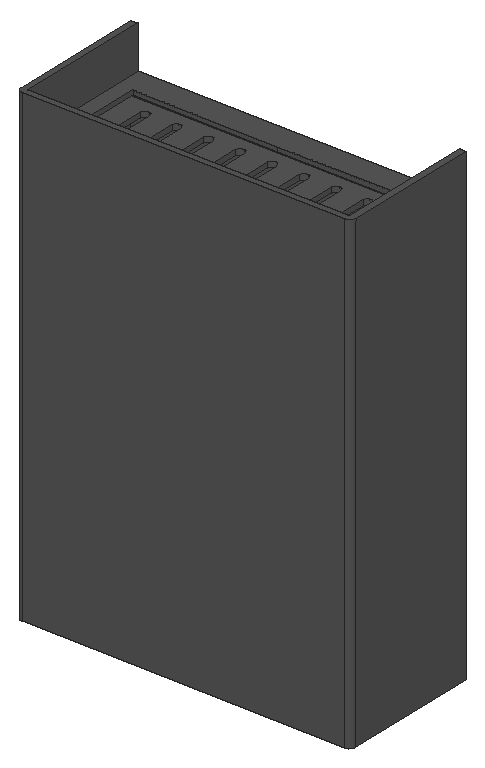
Revit family "Lighting_Outside_Nordlux_FOLD_10", category Lighting Fixtures, Revit 2017
Family settings
  Round Connector Dimension = Use Diameter
  Part Type = Normal
  OmniClass Number = 23.80.70.00
  OmniClass Title = Lighting
  Work Plane-Based = No
  Always vertical = Yes
  Cut with Voids When Loaded = No
  Light Source = Yes
  Shared = No
  Room Calculation Point = No
Parameters (values of type "Fold 10 - Black")
  Wattage = 1.34642 W
  WarrantyStartDate [instance] = "n/a"
  WarrantyGuarantorParts = "n/a"
  WarrantyGuarantorLabor = "n/a"
  WarrantyDurationUnit = "Hours"
  WarrantyDurationParts = "n/a"
  WarrantyDurationLabor = "n/a"
  WarrantyDescription = "n/a"
  built-in parameter 1150110 = 1 (stored number, unit not read)
  VersionDate = "24/11/2020"  # constant formula
  Version = "1"  # constant formula
  UsageCurrent = 0 A
  Uniclass2015Reference = "Pr_70_70_48_46"
  Uniclass2015Description = "Light-Emitting Diode (LED) Luminaires"
  Uniclass2 = "Pr_70_70_49_43"
  URL = "https://www.nordlux.com/products/product/2019041003"
  TotalWattage = 7 W
  built-in parameter 1114217 = 1 (stored number, unit not read)
  Tilt Angle = 90.00°
  built-in parameter 1150109 = 1 (stored number, unit not read)
  built-in parameter 1150134 = (empty or 0)
  TagNumber [instance] = "n/a"
  SustainabilityPerformance = "n/a"
  built-in parameter 1150113 = 1 (stored number, unit not read)
  Size = "105x45x150 mm"
  Shape = "Sculptured"
  SerialNumber [instance] = "n/a"
  Revision = "n/a"  # constant formula
  ReplacementCost = "n/a"
  ProductInformation = "\"Fold a sheet of paper, place a bulb behind - and you have a lamp.\" Although the reality is not that simple, designer Henrik Bønnelycke wants the light to appear as if it is. In terms of shape, Fold is brightly clear, where the selected details and latest LED technology are in focus. The magnetic shade makes the installation simple and the design distinct without visible screws. The light shines up and down, and the four included light patterns change the light based on desire and personal style and are also an element for light dimming."
  ProductDatasheet = "http://pim.skypim.com/show?objectid=327088319&template=ORG"
  Product data url = ""
  Photometric Web File = "2019041001 Fold 10 væg No mask.ies"
  PhaseReference = "n/a"
  PhaseAngle = 0.00°
  NumberOfSources = 0
  NumberOfPoles = 1
  built-in parameter 1150142 = "IESNA:LM-63-2002\r\n[TEST] Viso LabSpion - serial: 3247052577 sensor serial: 0408532695\r\n[TESTLAB] Viso LabSpion - serial: 3247052577 sensor serial: 0408532695 - Test lab\r\n[MANUFAC] Nordlux\r\n[ISSUEDATE] 02-12-2020\r\n[LUMINAIRE] 2019041001 Fold 10 væg No mask\r\n[LUMCAT] B2020254 A\r\n[_SERIALNUMBER] VFR-201202-0510-MS\r\nTILT=NONE\r\n1 562 1 73 2 1 2 0.092 0.034 0\r\n1.0 1.0 6.70\r\n0 2.5 5 7.5 10 12.5 15 17.5 20 22.5 25 27.5 30 32.5 35 37.5 40 42.5 45 47.5 50 52.5 55 57.5 60 62.5 65 67.5 70 72.5 75 77.5 80 82.5 85 87.5 90 92.5 95 97.5 100 102.5 105 107.5 110 112.5 115 117.5 120 122.5 125 127.5 130 132.5 135 137.5\r\n 140 142.5 145 147.5 150 152.5 155 157.5 160 162.5 165 167.5 170 172.5 175 177.5 180\r\n0 90 \r\n161.5529 161.4716 161.0381 160.447 159.0894 157.7297 155.9813 154.0723 151.8367 149.1627 146.0907 142.886 139.2616 135.4496 131.3271 126.737 121.4112 115.8329 109.7992 102.8126 90.2728 59.1514 27.8518 14.6106 11.0093 9.5444 8.3784\r\n 7.3616 6.4227 5.5516 4.7325 4.0189 3.3654 2.5247 1.6042 0.8227 0.5635 0.8501 1.6159 2.5222 3.3616 4.0205 4.7297 5.5478 6.4341 7.3572 8.38 9.5379 10.9263 14.2958 28.4169 60.4614 89.1985 102.4926 109.7809 115.8087 121.4081 126.717 131.3252\r\n 135.4295 139.2603 142.8632 146.0927 149.1626 151.8127 154.06 155.9728 157.7207 159.0854 160.4201 161.0446 161.4577 161.6027\r\n161.5529 161.6192 161.4486 161.0214 160.1073 159.0861 158.2034 157.0496 154.1993 142.7336 124.6975 105.7319 84.0512 57.1748 37.092 30.5266 29.0897 28.8917 28.7092 28.656 28.1407 27.3165 25.3701 22.7521 20.1557 17.6171 15.5337 13.5176\r\n 11.7336 10.4357 9.5029 8.8372 8.0559 7.0368 6.1364 5.5731 5.2987 5.4514 6.1471 7.0492 8.0461 8.827 9.5139 10.433 11.7251 13.5246 15.5303 17.6033 20.1402 22.7527 25.3746 27.3047 28.1427 28.6449 28.7167 28.88 29.0694 30.4478 37.0815\r\n 57.284 84.4888 106.0391 124.6839 142.4206 153.7805 156.9819 158.2008 159.0959 160.1051 161.0077 161.4449 161.618 161.6027\r\n"
  NominalWidth = 45 mm
  NominalVoltageCalc = 230 V
  NominalVoltage = 230 V
  NominalRadius = NominalDiameter / 2  # 160 mm
  NominalLength = 104.9 mm
  NominalHeight = 148.5 mm
  NominalFrequencyRange = 50 Hz
  NominalDiameter = 320 mm
  NominalCurrent = 0 A
  Name = "FOLD_10"  # constant formula
  NBSReference = "90-60-50/405"
  NBSDescription = "General purpose luminaires"
  ModelReference = ArticleNumber  # "2019041003"
  ModelNumber = "n/a"
  Model = "Fold 10 - Black"
  Material = "Metal & plastic"
  ManufacturersSpecificInformation = "n/a"
  ManufacturerURL = "https://www.nordlux.com/"
  ManufacturerName = "Nordlux"
  Manufacturer = "Nordlux"
  MaintenanceFactor = 0
  Lumens = 200 lm
  built-in parameter 1150115 = 1 (stored number, unit not read)
  built-in parameter 1150105 = 15.915 (stored number, unit not read)
  LightFixturePlacingType = "Wall"
  LightFixtureMountingType = "Surface"
  LightFixtureMainMaterial = Black
  built-in parameter 1150137 = (empty or 0)
  built-in parameter 1150139 = (empty or 0)
  built-in parameter 1150112 = 1 (stored number, unit not read)
  built-in parameter 1150114 = 1 (stored number, unit not read)
  InsulationStandardClass = "Class 1 (Earth contact)"
  InstallationDate [instance] = "n/a"
  built-in parameter 1150132 = 2
  built-in parameter 1150102 = (empty or 0)
  built-in parameter 1150138 = (empty or 0)
  built-in parameter 1150107 = 3000 (stored number, unit not read)
  built-in parameter 1150106 = 0.15915 (stored number, unit not read)
  IfcExportType = "NOTDEFINED"  # constant formula
  IfcExportAs = "IfcLightFixtureType"  # constant formula
  IP_Code = "IP54"
  HasProtectiveEarth = yes
  Grade = "n/a"
  Finish = "n/a"
  Features = "Socket type LED MODUL. Light source Incl. 2X3,5W LED"
  ExpectedLife = "Lifetime 30000h"
  Emit from Rectangle Width = 31 mm
  Emit from Rectangle Length = 90 mm
  Emit Shape Visible in Rendering = no
  ElectricalDeviceNominalPower = 7
  built-in parameter 1150104 = 13.8 (stored number, unit not read)
  EANNumber = "5704924000539"
  DurationUnit = "Hours"
  Dimming Lamp Color Temperature Shift = <None>
  Designer = "Henrik Bønnelycke"
  Description = "\"Fold a sheet of paper, place a bulb behind - and you have a lamp.\" Although the reality is not that simple, designer Henrik Bønnelycke wants the light to appear as if it is. In terms of shape, Fold is brightly clear, where the selected details and latest LED technology are in focus. The magnetic shade makes the installation simple and the design distinct without visible screws. The light shines up and down, and the four included light patterns change the light based on desire and personal style and are also an element for light dimming."
  DefaultElevation = 0 mm
  ConvergoRefNr = "0143-2009-0016-DK"  # constant formula
  Constituents = "n/a"
  Color Filter = 16777215
  Color = "Black"
  Collection = "Fold"
  CodePerformance = "n/a"
  Category = "Outdoor lighting"
  Brand = "Nordlux"
  Barcode [instance] = "n/a"
  built-in parameter 1114218 = 1 (stored number, unit not read)
  BIMObjectName = "Lighting_Outside_Nordlux_FOLD_10"  # constant formula
  Author = "Convergo AB"  # constant formula
  built-in parameter 1150133 = 10 (stored number, unit not read)
  AssetType = "Fixed"
  AssetIdentifier [instance] = "n/a"
  ArticleNumber = "2019041003"
  AccessibilityPerformance = "n/a"
Types (6, lengths in mm): name | URL | ProductDatasheet | ModelReference | Model | LightFixtureMainMaterial | EANNumber | Color | ArticleNumber
  (no name) | "https://www.nordlux.com/products/product/2019041003" | "http://pim.skypim.com/show?objectid=327088319&template=ORG" | "2019041003" | "Fold 10 - Black" | Black | "5704924000539" | "Black" | "2019041003"
  Fold 10 - White | "https://www.nordlux.com/products/product/2019041001" | "http://pim.skypim.com/show?objectid=327087977&template=ORG" | "2019041001" | "Fold 10 - White" | White | "5704924000522" | "White" | "2019041001"
  Fold 10 - Black | "https://www.nordlux.com/products/product/2019041003" | "http://pim.skypim.com/show?objectid=327088319&template=ORG" | "2019041003" | "Fold 10 - Black" | Black | "5704924000539" | "Black" | "2019041003"
  Fold 10 - Galvanized steel | "https://www.nordlux.com/products/product/2019041031" | "http://pim.skypim.com/show?objectid=327081235&template=ORG" | "2019041031" | "Fold 10 - Galvanized steel" | Galvanized steel | "5704924000553" | "Galvanized" | "2019041031"
  Fold 10 - Brass | "https://www.nordlux.com/products/product/2019041035" | "http://pim.skypim.com/show?objectid=327081691&template=ORG" | "2019041035" | "Fold 10 - Brass" | Brass | "5704924000560" | "Brass" | "2019041035"
  Fold 10 - Copper | "https://www.nordlux.com/products/product/2019041030" | "http://pim.skypim.com/show?objectid=327080714&template=ORG" | "2019041030" | "Fold 10 - Copper" | Copper | "https://www.nordlux.com/products/product/2019041030" | "Copper" | "2019041030"
Reference planes
  plane 1 "Light Source Axis (F/B)": y = 0
  plane 2: z = 0
  plane 3 "Light Source Axis (L/R)": x = 0
  plane 4 "Light Source Elevation": z = 74.233
  plane 5: z = 148.5
  plane 6: y = -45
  plane 7: x = -52.45
  plane 8: x = 52.45
Dimensions and locks
  equal spacing: plane 7, plane 3 "Light Source Axis (L/R)", plane 8
  "NominalLength": plane 7 to plane 8
  "NominalHeight": plane 5 to plane 2
  "NominalWidth": plane 1 "Light Source Axis (F/B)" to plane 6
  aligned and locked: level to plane 2
  aligned and locked: plane 4 "Light Source Elevation" to imposter light
  aligned and locked: plane 3 "Light Source Axis (L/R)" to imposter light
  aligned and locked: imposter light to nested 1  (x2)
Nested families
  nested 1: "Fold_10" at (0, 0, -0.017), Body <- "LightFixtureMainMaterial", type "Fold_10"
    with Body Black
Connectors
  electrical at (0, -0.7, 74.233), driven by "NominalVoltage"
    settings: on nested 1, index 1, voltage 230 V, apparent load 0 VA, apparent load phase1 0 VA, apparent load phase2 0 VA, apparent load phase3 0 VA, power factor 1, load classification "Other", number of poles 1, system type 31, power factor state 1, is connector primary yes, connector utility no, sub classification motor no, connector description ""
Definition of nested family "Fold_10"
  Parameters (values of type "Fold_10")
    Body [instance] = none
  Reference planes
    plane 1 "Center (Front/Back)": y = 0
    plane 2: z = 0
    plane 3 "Center (Left/Right)": x = 0
    plane 4: x = -52.471
    plane 5: y = -45
    plane 6: x = 52.471
    plane 7: z = 148.5
    plane 8: z = 131
    plane 9: z = 17.5
    plane 10: y = -23.751
    plane 11: z = 74.25
  Forms (mm)
    Extrusion 1, solid, material <- "Body", detail levels medium+fine
      sketch origin (0, 0, 0) x (1, 0, 0) y (0, 1, 0)
        loop
          line (-52.5, 0) -> (-52.5, -43)
          arc (-52.5, -43) -> (-51.914, -44.414) -> (-50.5, -45) r 2
          line (-50.5, -45) -> (50.471, -45)
          arc (50.471, -45) -> (51.885, -44.414) -> (52.471, -43) r 2
          line (52.471, -43) -> (52.471, 0) -> (50.471, 0) -> (50.471, -43) -> (-50.5, -43) -> (-50.5, 0) -> (-52.5, 0)
      from 0 to 148.5
    Extrusion 2, solid, material <- "Body", detail levels medium+fine
      sketch origin (0, 0, 0) x (1, 0, 0) y (0, 1, 0)
        loop
          line (0, 0) -> (-50.5, 0) -> (-50.5, -43) -> (0, -43) -> (50.5, -43) -> (50.5, 0) -> (0, 0)
        loop
          line (45.5, -8.001) -> (0, -8.001) -> (-45.5, -8.001) -> (-45.5, -39.501) -> (0, -39.501) -> (45.5, -39.501) -> (45.5, -8.001)
      from 133.5 to 135
    Extrusion 3, solid, material <- "Body", detail levels medium+fine
      sketch origin (0, 0, 0) x (1, 0, 0) y (0, 1, 0)
        loop
          line (0, 0) -> (-50.5, 0) -> (-50.5, -43) -> (0, -43) -> (50.5, -43) -> (50.5, 0) -> (0, 0)
        loop
          line (45.5, -8.001) -> (0, -8.001) -> (-45.5, -8.001) -> (-45.5, -39.501) -> (0, -39.501) -> (45.5, -39.501) -> (45.5, -8.001)
      from 13 to 15
    Extrusion 4, solid, material <- "Body", detail levels medium+fine
      sketch origin (0, 0, 0) x (0, 1, 0) y (0, 0, 1)
        loop
          line (-4.95, 16) -> (-0.7, 16) -> (-0.7, 132.5) -> (-4.95, 132.5) -> (-4.95, 131) -> (-3.2, 131) -> (-3.2, 128) -> (-4.95, 128) -> (-4.95, 126.5) -> (-3.2, 126.5) -> (-3.2, 22) -> (-4.95, 22) -> (-4.95, 20.5) -> (-3.2, 20.5) -> (-3.2, 17.5) -> (-4.95, 17.5) -> (-4.95, 16)
        loop
          line (-41, 20.1) -> (-38, 20.1) -> (-38, 21.1) -> (-39.5, 21.1) -> (-39.5, 127.4) -> (-38, 127.4) -> (-38, 128.4) -> (-41, 128.4) -> (-41, 20.1)
      from -50.5 to 50.5
    Extrusion 5, solid, material <- "Body", detail levels medium+fine
      sketch origin (0, 0, 0) x (0, 1, 0) y (0, 0, 1)
        loop
          line (-3.2, 131) -> (-41, 131) -> (-41, 128.4) -> (-39.5, 128.4) -> (-39.5, 129.5) -> (-4.5, 129.5) -> (-4.5, 128) -> (-3.2, 128) -> (-3.2, 131)
        loop
          line (-3.2, 17.5) -> (-3.2, 20.5) -> (-4.5, 20.5) -> (-4.5, 19) -> (-39.5, 19) -> (-39.5, 20.1) -> (-41, 20.1) -> (-41, 17.5) -> (-3.2, 17.5)
      from -50.5 to 50.5
    Extrusion 6, solid, material <- "Body", detail levels medium+fine
      sketch origin (0, 0, 0) x (1, 0, 0) y (0, 0, 1)
        loop
          circle (39.5, 116.517) r 8
        loop
          circle (39.5, 116.517) r 5
        loop
          circle (39.5, 32) r 8
        loop
          circle (39.5, 32) r 5
        loop
          circle (-39.5, 116.517) r 8
        loop
          circle (-39.5, 116.517) r 5
        loop
          circle (-39.5, 32) r 8
        loop
          circle (-39.5, 32) r 5
      from 0.7 to -5.3
    Extrusion 7, solid, material <- "Body", detail levels coarse
      sketch origin (0, 0, 0) x (1, 0, 0) y (0, 1, 0)
        loop
          line (-52.471, -45) -> (52.471, -45) -> (52.471, 0) -> (-52.471, 0) -> (-52.471, -45)
      from 0 to 148.5
    Extrusion 8, void
      sketch origin (0, 0, 0) x (1, 0, 0) y (0, 1, 0)
        loop
          line (-1.5, -10.501) -> (-1.5, -37.001)
          arc (-1.5, -37.001) -> (0, -38.501) -> (1.5, -37.001) r 1.5
          line (1.5, -37.001) -> (1.5, -10.501)
          arc (1.5, -10.501) -> (0, -9.001) -> (-1.5, -10.501) r 1.5
        loop
          line (8.5, -10.501) -> (8.5, -37.001)
          arc (8.5, -37.001) -> (10, -38.501) -> (11.5, -37.001) r 1.5
          line (11.5, -37.001) -> (11.5, -10.501)
          arc (11.5, -10.501) -> (10, -9.001) -> (8.5, -10.501) r 1.5
        loop
          line (18.5, -10.501) -> (18.5, -37.001)
          arc (18.5, -37.001) -> (20, -38.501) -> (21.5, -37.001) r 1.5
          line (21.5, -37.001) -> (21.5, -10.501)
          arc (21.5, -10.501) -> (20, -9.001) -> (18.5, -10.501) r 1.5
        loop
          line (28.5, -10.501) -> (28.5, -37.001)
          arc (28.5, -37.001) -> (30, -38.501) -> (31.5, -37.001) r 1.5
          line (31.5, -37.001) -> (31.5, -10.501)
          arc (31.5, -10.501) -> (30, -9.001) -> (28.5, -10.501) r 1.5
        loop
          line (38.5, -10.501) -> (38.5, -37.001)
          arc (38.5, -37.001) -> (40, -38.501) -> (41.5, -37.001) r 1.5
          line (41.5, -37.001) -> (41.5, -10.501)
          arc (41.5, -10.501) -> (40, -9.001) -> (38.5, -10.501) r 1.5
        loop
          arc (-8.5, -10.501) -> (-10, -9.001) -> (-11.5, -10.501) r 1.5
          line (-11.5, -10.501) -> (-11.5, -37.001)
          arc (-11.5, -37.001) -> (-10, -38.501) -> (-8.5, -37.001) r 1.5
          line (-8.5, -37.001) -> (-8.5, -10.501)
        loop
          arc (-18.5, -10.501) -> (-20, -9.001) -> (-21.5, -10.501) r 1.5
          line (-21.5, -10.501) -> (-21.5, -37.001)
          arc (-21.5, -37.001) -> (-20, -38.501) -> (-18.5, -37.001) r 1.5
          line (-18.5, -37.001) -> (-18.5, -10.501)
        loop
          arc (-28.5, -10.501) -> (-30, -9.001) -> (-31.5, -10.501) r 1.5
          line (-31.5, -10.501) -> (-31.5, -37.001)
          arc (-31.5, -37.001) -> (-30, -38.501) -> (-28.5, -37.001) r 1.5
          line (-28.5, -37.001) -> (-28.5, -10.501)
        loop
          arc (-38.5, -10.501) -> (-40, -9.001) -> (-41.5, -10.501) r 1.5
          line (-41.5, -10.501) -> (-41.5, -37.001)
          arc (-41.5, -37.001) -> (-40, -38.501) -> (-38.5, -37.001) r 1.5
          line (-38.5, -37.001) -> (-38.5, -10.501)
      from 0 to 148.5
  Cuts and joins
    Extrusion 8 cuts Extrusion 5
  Lines and regions (mm)
    symbolic lines, detail levels medium+fine
      curve 1: line (0, 0, 148.5) -> (0, -45, 148.5)
      curve 2: line (0, 0, 0) -> (0, 0, 148.5)
      curve 3: line (0, -45, 0) -> (0, 0, 0)
      curve 4: line (0, -45, 148.5) -> (0, -45, 0)
      curve 5: line (-52.471, 0, 148.5) -> (52.471, 0, 148.5)
      curve 6: line (-52.471, 0, 0) -> (-52.471, 0, 148.5)
      curve 7: line (52.471, 0, 0) -> (-52.471, 0, 0)
      curve 8: line (52.471, 0, 148.5) -> (52.471, 0, 0)
      curve 9: line (-52.471, 0, 0) -> (52.471, 0, 0)
      curve 10: line (-52.471, -43, 0) -> (-52.471, 0, 0)
      curve 11: line (50.471, -45, 0) -> (-50.471, -45, 0)
      curve 12: line (52.471, 0, 0) -> (52.471, -43, 0)
      curve 13: arc (-52.471, -43, 0) -> (-51.885, -44.414, 0) -> (-50.471, -45, 0) r 2
      curve 14: arc (52.471, -43, 0) -> (51.885, -44.414, 0) -> (50.471, -45, 0) r 2
    symbolic lines, detail levels fine
      curve 15: line (-50.471, -43, 0) -> (-50.471, 0, 0)
      curve 16: line (50.471, -43, 0) -> (-50.471, -43, 0)
      curve 17: line (50.471, 0, 0) -> (50.471, -43, 0)
      curve 18: line (0, -8.001, 0) -> (45.471, -8.001, 0)
      curve 19: line (45.471, -8.001, 0) -> (45.471, -39.501, 0)
      curve 20: line (45.471, -39.501, 0) -> (0, -39.501, 0)
      curve 21: line (0, -39.501, 0) -> (-45.471, -39.501, 0)
      curve 22: line (-45.471, -39.501, 0) -> (-45.471, -8.001, 0)
      curve 23: line (-45.471, -8.001, 0) -> (0, -8.001, 0)
      curve 24: line (-41.5, -10.501, 0) -> (-41.5, -37.001, 0)
      curve 25: arc (-41.5, -37.001, 0) -> (-40, -38.501, 0) -> (-38.5, -37.001, 0) r 1.5
      curve 26: line (-38.5, -37.001, 0) -> (-38.5, -10.501, 0)
      curve 27: arc (-38.5, -10.501, 0) -> (-40, -9.001, 0) -> (-41.5, -10.501, 0) r 1.5
      curve 28: line (-31.5, -10.501, 0) -> (-31.5, -37.001, 0)
      curve 29: arc (-31.5, -37.001, 0) -> (-30, -38.501, 0) -> (-28.5, -37.001, 0) r 1.5
      curve 30: line (-28.5, -37.001, 0) -> (-28.5, -10.501, 0)
      curve 31: arc (-28.5, -10.501, 0) -> (-30, -9.001, 0) -> (-31.5, -10.501, 0) r 1.5
      curve 32: line (-21.5, -10.501, 0) -> (-21.5, -37.001, 0)
      curve 33: arc (-21.5, -37.001, 0) -> (-20, -38.501, 0) -> (-18.5, -37.001, 0) r 1.5
      curve 34: line (-18.5, -37.001, 0) -> (-18.5, -10.501, 0)
      curve 35: arc (-18.5, -10.501, 0) -> (-20, -9.001, 0) -> (-21.5, -10.501, 0) r 1.5
      curve 36: line (-11.5, -10.501, 0) -> (-11.5, -37.001, 0)
      curve 37: arc (-11.5, -37.001, 0) -> (-10, -38.501, 0) -> (-8.5, -37.001, 0) r 1.5
      curve 38: line (-8.5, -37.001, 0) -> (-8.5, -10.501, 0)
      curve 39: arc (-8.5, -10.501, 0) -> (-10, -9.001, 0) -> (-11.5, -10.501, 0) r 1.5
      curve 40: line (-1.5, -10.501, 0) -> (-1.5, -37.001, 0)
      curve 41: arc (-1.5, -37.001, 0) -> (0, -38.501, 0) -> (1.5, -37.001, 0) r 1.5
      curve 42: line (1.5, -37.001, 0) -> (1.5, -10.501, 0)
      curve 43: arc (1.5, -10.501, 0) -> (0, -9.001, 0) -> (-1.5, -10.501, 0) r 1.5
      curve 44: line (41.5, -10.501, 0) -> (41.5, -37.001, 0)
      curve 45: arc (41.5, -37.001, 0) -> (40, -38.501, 0) -> (38.5, -37.001, 0) r 1.5
      curve 46: line (38.5, -37.001, 0) -> (38.5, -10.501, 0)
      curve 47: arc (38.5, -10.501, 0) -> (40, -9.001, 0) -> (41.5, -10.501, 0) r 1.5
      curve 48: line (31.5, -10.501, 0) -> (31.5, -37.001, 0)
      curve 49: arc (31.5, -37.001, 0) -> (30, -38.501, 0) -> (28.5, -37.001, 0) r 1.5
      curve 50: line (28.5, -37.001, 0) -> (28.5, -10.501, 0)
      curve 51: arc (28.5, -10.501, 0) -> (30, -9.001, 0) -> (31.5, -10.501, 0) r 1.5
      curve 52: line (21.5, -10.501, 0) -> (21.5, -37.001, 0)
      curve 53: arc (21.5, -37.001, 0) -> (20, -38.501, 0) -> (18.5, -37.001, 0) r 1.5
      curve 54: line (18.5, -37.001, 0) -> (18.5, -10.501, 0)
      curve 55: arc (18.5, -10.501, 0) -> (20, -9.001, 0) -> (21.5, -10.501, 0) r 1.5
      curve 56: line (11.5, -10.501, 0) -> (11.5, -37.001, 0)
      curve 57: arc (11.5, -37.001, 0) -> (10, -38.501, 0) -> (8.5, -37.001, 0) r 1.5
      curve 58: line (8.5, -37.001, 0) -> (8.5, -10.501, 0)
      curve 59: arc (8.5, -10.501, 0) -> (10, -9.001, 0) -> (11.5, -10.501, 0) r 1.5
  Dimensions and locks
    aligned and locked: level to plane 2
